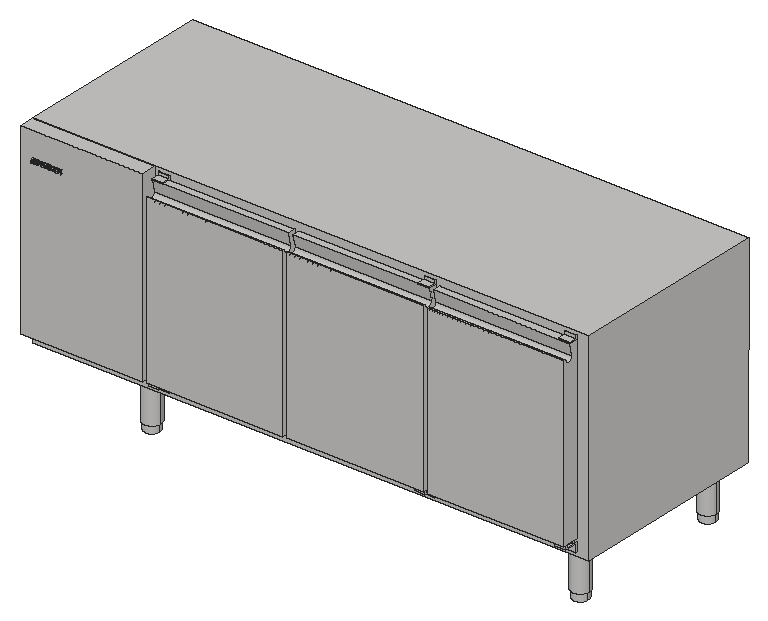
Revit family "QF_ALPENINOX_712679_AJ3F7AAA", category Specialty Equipment, Revit 2018 (continued)
Definition of nested family "APX_BI_BT_L_650"
  Automatic sketch dimensions
    Extrusion 4 sketch curve to Extrusion 4 sketch curve = 0.473 mm
    Extrusion 4 sketch curve to Extrusion 4 sketch curve = 0.171 mm
    Extrusion 4 sketch curve to Extrusion 4 sketch curve = 0.674 mm
    Extrusion 4 sketch curve to Extrusion 4 sketch curve = 1.992 mm
    Extrusion 4 sketch curve to Extrusion 4 sketch curve = 5.4 mm
    Extrusion 4 sketch curve to Extrusion 4 sketch curve = 3.473 mm  (x2)
    Extrusion 4 sketch curve to Extrusion 4 sketch curve = 2.32 mm
    Extrusion 4 sketch curve to Extrusion 4 sketch curve = 2.431 mm
    Extrusion 4 sketch curve to Extrusion 4 sketch curve = 1.177 mm
    Extrusion 4 sketch curve to Extrusion 4 sketch curve = 0.966 mm
    Extrusion 4 sketch curve to Extrusion 4 sketch curve = 2.544 mm
    Extrusion 4 sketch curve to Extrusion 4 sketch curve = 0.346 mm
    Extrusion 4 sketch curve to Extrusion 4 sketch curve = 0.037 mm
    Extrusion 4 sketch curve to Extrusion 4 sketch curve = 2.58 mm  (x2)
    Extrusion 4 sketch curve to Extrusion 4 sketch curve = 0.793 mm  (x2)
    Extrusion 4 sketch curve to Extrusion 4 sketch curve = 0.276 mm
    Extrusion 4 sketch curve to Extrusion 4 sketch curve = 3.452 mm  (x2)
    Extrusion 4 sketch curve to Extrusion 4 sketch curve = 1.238 mm
    Extrusion 4 sketch curve to Extrusion 4 sketch curve = 3.023 mm
    Extrusion 4 sketch curve to Extrusion 4 sketch curve = 0.834 mm  (x2)
    Extrusion 4 sketch curve to Extrusion 4 sketch curve = 0.529 mm
    Extrusion 4 sketch curve to Extrusion 4 sketch curve = 0.823 mm  (x2)
    Extrusion 4 sketch curve to Extrusion 4 sketch curve = 0.947 mm
    Extrusion 4 sketch curve to Extrusion 4 sketch curve = 3.837 mm
    Extrusion 4 sketch curve to Extrusion 4 sketch curve = 0.623 mm
    Extrusion 4 sketch curve to Extrusion 4 sketch curve = 1.082 mm
    Extrusion 4 sketch curve to Extrusion 4 sketch curve = 0.801 mm
    Extrusion 4 sketch curve to Extrusion 4 sketch curve = 1 mm
    Extrusion 4 sketch curve to Extrusion 4 sketch curve = 0.089 mm
    Extrusion 4 sketch curve to Extrusion 4 sketch curve = 4.257 mm
    Extrusion 4 sketch curve to Extrusion 4 sketch curve = 4.345 mm  (x2)
    Extrusion 4 sketch curve to Extrusion 4 sketch curve = 2.576 mm
    Extrusion 4 sketch curve to Extrusion 4 sketch curve = 1.385 mm  (x4)
    Extrusion 4 sketch curve to Extrusion 4 sketch curve = 2.133 mm  (x4)
    Extrusion 4 sketch curve to Extrusion 4 sketch curve = 3.518 mm
    Extrusion 4 sketch curve to Extrusion 4 sketch curve = 3.032 mm
    Split face 198 sketch curve to Extrusion 2 = 0 mm  (x2)
    Split face 198 sketch curve to Extrusion 2 = 34 mm
    Split face 198 sketch curve to Extrusion 2 = 104 mm
    Split face 198 sketch curve to Split face 198 sketch curve = 17.5 mm
    Split face 134 sketch curve to Extrusion 2 = 135.544 mm
    Split face 134 sketch curve to Extrusion 2 = 128.176 mm
    Split face 135 sketch curve to Extrusion 2 = 80.544 mm
    Split face 135 sketch curve to Extrusion 2 = 128.176 mm
    Split face 136 sketch curve to Extrusion 2 = 135.544 mm
    Split face 136 sketch curve to Extrusion 2 = 140.176 mm
    Split face 137 sketch curve to Extrusion 2 = 80.544 mm
    Split face 137 sketch curve to Extrusion 2 = 140.176 mm
    Split face 138 sketch curve to Extrusion 2 = 135.544 mm
    Split face 138 sketch curve to Extrusion 2 = 152.176 mm
    Split face 139 sketch curve to Extrusion 2 = 80.544 mm
    Split face 139 sketch curve to Extrusion 2 = 152.176 mm
    Split face 140 sketch curve to Extrusion 2 = 135.544 mm
    Split face 140 sketch curve to Extrusion 2 = 164.176 mm
    Split face 141 sketch curve to Extrusion 2 = 80.544 mm
    Split face 141 sketch curve to Extrusion 2 = 164.176 mm
    Split face 142 sketch curve to Extrusion 2 = 135.544 mm
    Split face 142 sketch curve to Extrusion 2 = 176.176 mm
    Split face 143 sketch curve to Extrusion 2 = 80.544 mm
    Split face 143 sketch curve to Extrusion 2 = 176.176 mm
    Split face 144 sketch curve to Extrusion 2 = 135.544 mm
    Split face 144 sketch curve to Extrusion 2 = 188.176 mm
    Split face 145 sketch curve to Extrusion 2 = 80.544 mm
    Split face 145 sketch curve to Extrusion 2 = 188.176 mm
    Split face 146 sketch curve to Extrusion 2 = 135.544 mm
    Split face 146 sketch curve to Extrusion 2 = 200.176 mm
    Split face 147 sketch curve to Extrusion 2 = 80.544 mm
    Split face 147 sketch curve to Extrusion 2 = 200.176 mm
    Split face 148 sketch curve to Extrusion 2 = 135.544 mm
    Split face 148 sketch curve to Extrusion 2 = 212.176 mm
    Split face 149 sketch curve to Extrusion 2 = 80.544 mm
    Split face 149 sketch curve to Extrusion 2 = 212.176 mm
    Split face 150 sketch curve to Extrusion 2 = 135.544 mm
    Split face 150 sketch curve to Extrusion 2 = 224.176 mm
    Split face 151 sketch curve to Extrusion 2 = 80.544 mm
    Split face 151 sketch curve to Extrusion 2 = 224.176 mm
    Split face 152 sketch curve to Extrusion 2 = 135.544 mm
    Split face 152 sketch curve to Extrusion 2 = 236.176 mm
    Split face 153 sketch curve to Extrusion 2 = 80.544 mm
    Split face 153 sketch curve to Extrusion 2 = 236.176 mm
    Split face 154 sketch curve to Extrusion 2 = 135.544 mm
    Split face 154 sketch curve to Extrusion 2 = 248.176 mm
    Split face 155 sketch curve to Extrusion 2 = 80.544 mm
    Split face 155 sketch curve to Extrusion 2 = 248.176 mm
    Split face 156 sketch curve to Extrusion 2 = 135.544 mm
    Split face 156 sketch curve to Extrusion 2 = 260.176 mm
    Split face 157 sketch curve to Extrusion 2 = 80.544 mm
    Split face 157 sketch curve to Extrusion 2 = 260.176 mm
    Split face 158 sketch curve to Extrusion 2 = 135.544 mm
    Split face 158 sketch curve to Extrusion 2 = 272.176 mm
    Split face 159 sketch curve to Extrusion 2 = 80.544 mm
    Split face 159 sketch curve to Extrusion 2 = 272.176 mm
    Split face 160 sketch curve to Extrusion 2 = 135.544 mm
    Split face 160 sketch curve to Extrusion 2 = 284.176 mm
    Split face 161 sketch curve to Extrusion 2 = 80.544 mm
    Split face 161 sketch curve to Extrusion 2 = 284.176 mm
    Split face 162 sketch curve to Extrusion 2 = 135.544 mm
    Split face 162 sketch curve to Extrusion 2 = 296.176 mm
    Split face 163 sketch curve to Extrusion 2 = 80.544 mm
    Split face 163 sketch curve to Extrusion 2 = 296.176 mm
    Split face 164 sketch curve to Extrusion 2 = 135.544 mm
    Split face 164 sketch curve to Extrusion 2 = 308.176 mm
    Split face 165 sketch curve to Extrusion 2 = 80.544 mm
    Split face 165 sketch curve to Extrusion 2 = 308.176 mm
    Split face 166 sketch curve to Extrusion 2 = 135.544 mm
    Split face 166 sketch curve to Extrusion 2 = 192.174 mm
    Split face 167 sketch curve to Extrusion 2 = 80.544 mm
    Split face 167 sketch curve to Extrusion 2 = 192.174 mm
    Split face 168 sketch curve to Extrusion 2 = 135.544 mm
    Split face 168 sketch curve to Extrusion 2 = 180.174 mm
    Split face 169 sketch curve to Extrusion 2 = 80.544 mm
    Split face 169 sketch curve to Extrusion 2 = 180.174 mm
    Split face 170 sketch curve to Extrusion 2 = 135.544 mm
    Split face 170 sketch curve to Extrusion 2 = 168.174 mm
    Split face 171 sketch curve to Extrusion 2 = 80.544 mm
    Split face 171 sketch curve to Extrusion 2 = 168.174 mm
    Split face 172 sketch curve to Extrusion 2 = 135.544 mm
    Split face 172 sketch curve to Extrusion 2 = 156.174 mm
    Split face 173 sketch curve to Extrusion 2 = 80.544 mm
    Split face 173 sketch curve to Extrusion 2 = 156.174 mm
    Split face 174 sketch curve to Extrusion 2 = 135.544 mm
    Split face 174 sketch curve to Extrusion 2 = 144.174 mm
    Split face 175 sketch curve to Extrusion 2 = 80.544 mm
    Split face 175 sketch curve to Extrusion 2 = 144.174 mm
    Split face 176 sketch curve to Extrusion 2 = 135.544 mm
    Split face 176 sketch curve to Extrusion 2 = 132.174 mm
    Split face 177 sketch curve to Extrusion 2 = 80.544 mm
    Split face 177 sketch curve to Extrusion 2 = 132.174 mm
    Split face 178 sketch curve to Extrusion 2 = 135.544 mm
    Split face 178 sketch curve to Extrusion 2 = 120.174 mm
    Split face 179 sketch curve to Extrusion 2 = 80.544 mm
    Split face 179 sketch curve to Extrusion 2 = 120.174 mm
    Split face 180 sketch curve to Extrusion 2 = 135.544 mm
    Split face 180 sketch curve to Extrusion 2 = 108.174 mm
    Split face 181 sketch curve to Extrusion 2 = 80.544 mm
    Split face 181 sketch curve to Extrusion 2 = 108.174 mm
    Split face 182 sketch curve to Extrusion 2 = 135.544 mm
    Split face 182 sketch curve to Extrusion 2 = 96.174 mm
    Split face 183 sketch curve to Extrusion 2 = 80.544 mm
    Split face 183 sketch curve to Extrusion 2 = 96.174 mm
    Split face 184 sketch curve to Extrusion 2 = 135.544 mm
    Split face 184 sketch curve to Extrusion 2 = 84.174 mm
    Split face 185 sketch curve to Extrusion 2 = 80.544 mm
    Split face 185 sketch curve to Extrusion 2 = 84.174 mm
    Split face 186 sketch curve to Extrusion 2 = 135.544 mm
    Split face 186 sketch curve to Extrusion 2 = 72.174 mm
    Split face 187 sketch curve to Extrusion 2 = 80.544 mm
    Split face 187 sketch curve to Extrusion 2 = 72.174 mm
    Split face 188 sketch curve to Extrusion 2 = 135.544 mm
    Split face 188 sketch curve to Extrusion 2 = 60.174 mm
    Split face 189 sketch curve to Extrusion 2 = 80.544 mm
    Split face 189 sketch curve to Extrusion 2 = 60.174 mm
    Split face 190 sketch curve to Extrusion 2 = 56.174 mm
    Split face 190 sketch curve to Extrusion 2 = 135.544 mm
    Split face 191 sketch curve to Extrusion 2 = 80.544 mm
    Split face 191 sketch curve to Extrusion 2 = 48.174 mm
    Split face 192 sketch curve to Extrusion 2 = 44.174 mm
    Split face 192 sketch curve to Extrusion 2 = 135.544 mm
    Split face 193 sketch curve to Extrusion 2 = 80.544 mm
    Split face 193 sketch curve to Extrusion 2 = 36.174 mm
    Split face 194 sketch curve to Extrusion 2 = 32.174 mm
    Split face 194 sketch curve to Extrusion 2 = 135.544 mm
    Split face 195 sketch curve to Extrusion 2 = 32.174 mm
    Split face 195 sketch curve to Extrusion 2 = 80.544 mm
    Split face 196 sketch curve to Extrusion 2 = 20.174 mm
    Split face 196 sketch curve to Extrusion 2 = 135.544 mm
    Split face 197 sketch curve to Extrusion 2 = 20.174 mm
    Split face 197 sketch curve to Extrusion 2 = 80.544 mm
    Split face 4 sketch curve to Extrusion 2 = 38.456 mm
    Split face 4 sketch curve to Extrusion 2 = 128.176 mm
    Split face 5 sketch curve to Extrusion 2 = 190.544 mm
    Split face 5 sketch curve to Extrusion 2 = 128.176 mm
    Split face 6 sketch curve to Extrusion 2 = 93.456 mm
    Split face 6 sketch curve to Extrusion 2 = 128.176 mm
    Split face 7 sketch curve to Extrusion 2 = 148.456 mm
    Split face 7 sketch curve to Extrusion 2 = 128.176 mm
    Split face 9 sketch curve to Extrusion 2 = 38.456 mm
    Split face 9 sketch curve to Extrusion 2 = 140.176 mm
    Split face 10 sketch curve to Extrusion 2 = 190.544 mm
    Split face 10 sketch curve to Extrusion 2 = 140.176 mm
    Split face 11 sketch curve to Extrusion 2 = 93.456 mm
    Split face 11 sketch curve to Extrusion 2 = 140.176 mm
    Split face 12 sketch curve to Extrusion 2 = 148.456 mm
    Split face 12 sketch curve to Extrusion 2 = 140.176 mm
    Split face 13 sketch curve to Extrusion 2 = 38.456 mm
    Split face 13 sketch curve to Extrusion 2 = 152.176 mm
    Split face 14 sketch curve to Extrusion 2 = 190.544 mm
    Split face 14 sketch curve to Extrusion 2 = 152.176 mm
    Split face 15 sketch curve to Extrusion 2 = 93.456 mm
    Split face 15 sketch curve to Extrusion 2 = 152.176 mm
    Split face 16 sketch curve to Extrusion 2 = 148.456 mm
    Split face 16 sketch curve to Extrusion 2 = 152.176 mm
    Split face 17 sketch curve to Extrusion 2 = 38.456 mm
    Split face 17 sketch curve to Extrusion 2 = 164.176 mm
    Split face 18 sketch curve to Extrusion 2 = 190.544 mm
    Split face 18 sketch curve to Extrusion 2 = 164.176 mm
    Split face 19 sketch curve to Extrusion 2 = 93.456 mm
    Split face 19 sketch curve to Extrusion 2 = 164.176 mm
    Split face 20 sketch curve to Extrusion 2 = 148.456 mm
    Split face 20 sketch curve to Extrusion 2 = 164.176 mm
    Split face 21 sketch curve to Extrusion 2 = 38.456 mm
    Split face 21 sketch curve to Extrusion 2 = 176.176 mm
    Split face 22 sketch curve to Extrusion 2 = 190.544 mm
    Split face 22 sketch curve to Extrusion 2 = 176.176 mm
    Split face 23 sketch curve to Extrusion 2 = 93.456 mm
    Split face 23 sketch curve to Extrusion 2 = 176.176 mm
    Split face 24 sketch curve to Extrusion 2 = 148.456 mm
    Split face 24 sketch curve to Extrusion 2 = 176.176 mm
    Split face 25 sketch curve to Extrusion 2 = 38.456 mm
    Split face 25 sketch curve to Extrusion 2 = 188.176 mm
    Split face 26 sketch curve to Extrusion 2 = 190.544 mm
    Split face 26 sketch curve to Extrusion 2 = 188.176 mm
    Split face 27 sketch curve to Extrusion 2 = 93.456 mm
    Split face 27 sketch curve to Extrusion 2 = 188.176 mm
    Split face 28 sketch curve to Extrusion 2 = 148.456 mm
    Split face 28 sketch curve to Extrusion 2 = 188.176 mm
    Split face 29 sketch curve to Extrusion 2 = 38.456 mm
    Split face 29 sketch curve to Extrusion 2 = 200.176 mm
    Split face 30 sketch curve to Extrusion 2 = 190.544 mm
    Split face 30 sketch curve to Extrusion 2 = 200.176 mm
    Split face 31 sketch curve to Extrusion 2 = 93.456 mm
    Split face 31 sketch curve to Extrusion 2 = 200.176 mm
    Split face 32 sketch curve to Extrusion 2 = 148.456 mm
    Split face 32 sketch curve to Extrusion 2 = 200.176 mm
    Split face 33 sketch curve to Extrusion 2 = 38.456 mm
    Split face 33 sketch curve to Extrusion 2 = 212.176 mm
    Split face 34 sketch curve to Extrusion 2 = 190.544 mm
    Split face 34 sketch curve to Extrusion 2 = 212.176 mm
    Split face 35 sketch curve to Extrusion 2 = 93.456 mm
    Split face 35 sketch curve to Extrusion 2 = 212.176 mm
    Split face 36 sketch curve to Extrusion 2 = 148.456 mm
    Split face 36 sketch curve to Extrusion 2 = 212.176 mm
    Split face 37 sketch curve to Extrusion 2 = 38.456 mm
    Split face 37 sketch curve to Extrusion 2 = 224.176 mm
    Split face 38 sketch curve to Extrusion 2 = 190.544 mm
    Split face 38 sketch curve to Extrusion 2 = 224.176 mm
    Split face 39 sketch curve to Extrusion 2 = 93.456 mm
    Split face 39 sketch curve to Extrusion 2 = 224.176 mm
    Split face 40 sketch curve to Extrusion 2 = 148.456 mm
    Split face 40 sketch curve to Extrusion 2 = 224.176 mm
    Split face 41 sketch curve to Extrusion 2 = 38.456 mm
    Split face 41 sketch curve to Extrusion 2 = 236.176 mm
    Split face 42 sketch curve to Extrusion 2 = 190.544 mm
    Split face 42 sketch curve to Extrusion 2 = 236.176 mm
    Split face 43 sketch curve to Extrusion 2 = 93.456 mm
    Split face 43 sketch curve to Extrusion 2 = 236.176 mm
    Split face 44 sketch curve to Extrusion 2 = 148.456 mm
    Split face 44 sketch curve to Extrusion 2 = 236.176 mm
    Split face 45 sketch curve to Extrusion 2 = 38.456 mm
    Split face 45 sketch curve to Extrusion 2 = 248.176 mm
    Split face 46 sketch curve to Extrusion 2 = 190.544 mm
    Split face 46 sketch curve to Extrusion 2 = 248.176 mm
    Split face 47 sketch curve to Extrusion 2 = 93.456 mm
    Split face 47 sketch curve to Extrusion 2 = 248.176 mm
    Split face 48 sketch curve to Extrusion 2 = 148.456 mm
    Split face 48 sketch curve to Extrusion 2 = 248.176 mm
    Split face 49 sketch curve to Extrusion 2 = 38.456 mm
    Split face 49 sketch curve to Extrusion 2 = 260.176 mm
    Split face 50 sketch curve to Extrusion 2 = 190.544 mm
    Split face 50 sketch curve to Extrusion 2 = 260.176 mm
    Split face 51 sketch curve to Extrusion 2 = 93.456 mm
    Split face 51 sketch curve to Extrusion 2 = 260.176 mm
    Split face 52 sketch curve to Extrusion 2 = 148.456 mm
    Split face 52 sketch curve to Extrusion 2 = 260.176 mm
    Split face 53 sketch curve to Extrusion 2 = 38.456 mm
    Split face 53 sketch curve to Extrusion 2 = 272.176 mm
    Split face 54 sketch curve to Extrusion 2 = 190.544 mm
    Split face 54 sketch curve to Extrusion 2 = 272.176 mm
    Split face 55 sketch curve to Extrusion 2 = 93.456 mm
    Split face 55 sketch curve to Extrusion 2 = 272.176 mm
    Split face 56 sketch curve to Extrusion 2 = 148.456 mm
    Split face 56 sketch curve to Extrusion 2 = 272.176 mm
    Split face 57 sketch curve to Extrusion 2 = 38.456 mm
    Split face 57 sketch curve to Extrusion 2 = 284.176 mm
    Split face 58 sketch curve to Extrusion 2 = 190.544 mm
    Split face 58 sketch curve to Extrusion 2 = 284.176 mm
    Split face 59 sketch curve to Extrusion 2 = 93.456 mm
    Split face 59 sketch curve to Extrusion 2 = 284.176 mm
    Split face 60 sketch curve to Extrusion 2 = 148.456 mm
    Split face 60 sketch curve to Extrusion 2 = 284.176 mm
    Split face 61 sketch curve to Extrusion 2 = 38.456 mm
    Split face 61 sketch curve to Extrusion 2 = 296.176 mm
    Split face 62 sketch curve to Extrusion 2 = 190.544 mm
    Split face 62 sketch curve to Extrusion 2 = 296.176 mm
    Split face 63 sketch curve to Extrusion 2 = 93.456 mm
    Split face 63 sketch curve to Extrusion 2 = 296.176 mm
    Split face 64 sketch curve to Extrusion 2 = 148.456 mm
    Split face 64 sketch curve to Extrusion 2 = 296.176 mm
    Split face 65 sketch curve to Extrusion 2 = 38.456 mm
    Split face 65 sketch curve to Extrusion 2 = 308.176 mm
    Split face 66 sketch curve to Extrusion 2 = 190.544 mm
    Split face 66 sketch curve to Extrusion 2 = 308.176 mm
    Split face 67 sketch curve to Extrusion 2 = 93.456 mm
    Split face 67 sketch curve to Extrusion 2 = 308.176 mm
    Split face 68 sketch curve to Extrusion 2 = 148.456 mm
    Split face 68 sketch curve to Extrusion 2 = 308.176 mm
    Split face 70 sketch curve to Extrusion 2 = 38.456 mm
    Split face 70 sketch curve to Extrusion 2 = 192.174 mm
    Split face 71 sketch curve to Extrusion 2 = 190.544 mm
    Split face 71 sketch curve to Extrusion 2 = 192.174 mm
    Split face 72 sketch curve to Extrusion 2 = 93.456 mm
    Split face 72 sketch curve to Extrusion 2 = 192.174 mm
    Split face 73 sketch curve to Extrusion 2 = 148.456 mm
    Split face 73 sketch curve to Extrusion 2 = 192.174 mm
    Split face 74 sketch curve to Extrusion 2 = 38.456 mm
    Split face 74 sketch curve to Extrusion 2 = 180.174 mm
    Split face 75 sketch curve to Extrusion 2 = 190.544 mm
    Split face 75 sketch curve to Extrusion 2 = 180.174 mm
    Split face 76 sketch curve to Extrusion 2 = 93.456 mm
    Split face 76 sketch curve to Extrusion 2 = 180.174 mm
    Split face 77 sketch curve to Extrusion 2 = 148.456 mm
    Split face 77 sketch curve to Extrusion 2 = 180.174 mm
    Split face 78 sketch curve to Extrusion 2 = 38.456 mm
    Split face 78 sketch curve to Extrusion 2 = 168.174 mm
    Split face 79 sketch curve to Extrusion 2 = 190.544 mm
    Split face 79 sketch curve to Extrusion 2 = 168.174 mm
    Split face 80 sketch curve to Extrusion 2 = 93.456 mm
    Split face 80 sketch curve to Extrusion 2 = 168.174 mm
    Split face 81 sketch curve to Extrusion 2 = 148.456 mm
    Split face 81 sketch curve to Extrusion 2 = 168.174 mm
    Split face 82 sketch curve to Extrusion 2 = 38.456 mm
    Split face 82 sketch curve to Extrusion 2 = 156.174 mm
    Split face 83 sketch curve to Extrusion 2 = 190.544 mm
    Split face 83 sketch curve to Extrusion 2 = 156.174 mm
    Split face 84 sketch curve to Extrusion 2 = 93.456 mm
    Split face 84 sketch curve to Extrusion 2 = 156.174 mm
    Split face 85 sketch curve to Extrusion 2 = 148.456 mm
    Split face 85 sketch curve to Extrusion 2 = 156.174 mm
    Split face 86 sketch curve to Extrusion 2 = 38.456 mm
    Split face 86 sketch curve to Extrusion 2 = 144.174 mm
    Split face 87 sketch curve to Extrusion 2 = 190.544 mm
    Split face 87 sketch curve to Extrusion 2 = 144.174 mm
    Split face 88 sketch curve to Extrusion 2 = 93.456 mm
    Split face 88 sketch curve to Extrusion 2 = 144.174 mm
    Split face 89 sketch curve to Extrusion 2 = 148.456 mm
    Split face 89 sketch curve to Extrusion 2 = 144.174 mm
    Split face 90 sketch curve to Extrusion 2 = 38.456 mm
    Split face 90 sketch curve to Extrusion 2 = 132.174 mm
    Split face 91 sketch curve to Extrusion 2 = 190.544 mm
    Split face 91 sketch curve to Extrusion 2 = 132.174 mm
    Split face 92 sketch curve to Extrusion 2 = 93.456 mm
    Split face 92 sketch curve to Extrusion 2 = 132.174 mm
    Split face 93 sketch curve to Extrusion 2 = 148.456 mm
    Split face 93 sketch curve to Extrusion 2 = 132.174 mm
    Split face 94 sketch curve to Extrusion 2 = 38.456 mm
    Split face 94 sketch curve to Extrusion 2 = 120.174 mm
    Split face 95 sketch curve to Extrusion 2 = 190.544 mm
    Split face 95 sketch curve to Extrusion 2 = 120.174 mm
    Split face 96 sketch curve to Extrusion 2 = 93.456 mm
    Split face 96 sketch curve to Extrusion 2 = 120.174 mm
    Split face 97 sketch curve to Extrusion 2 = 148.456 mm
    Split face 97 sketch curve to Extrusion 2 = 120.174 mm
    Split face 98 sketch curve to Extrusion 2 = 38.456 mm
    Split face 98 sketch curve to Extrusion 2 = 108.174 mm
    Split face 99 sketch curve to Extrusion 2 = 190.544 mm
    Split face 99 sketch curve to Extrusion 2 = 108.174 mm
    Split face 100 sketch curve to Extrusion 2 = 93.456 mm
    Split face 100 sketch curve to Extrusion 2 = 108.174 mm
    Split face 101 sketch curve to Extrusion 2 = 148.456 mm
    Split face 101 sketch curve to Extrusion 2 = 108.174 mm
    Split face 102 sketch curve to Extrusion 2 = 38.456 mm
    Split face 102 sketch curve to Extrusion 2 = 96.174 mm
    Split face 103 sketch curve to Extrusion 2 = 190.544 mm
    Split face 103 sketch curve to Extrusion 2 = 96.174 mm
    Split face 104 sketch curve to Extrusion 2 = 93.456 mm
    Split face 104 sketch curve to Extrusion 2 = 96.174 mm
    Split face 105 sketch curve to Extrusion 2 = 148.456 mm
    Split face 105 sketch curve to Extrusion 2 = 96.174 mm
    Split face 106 sketch curve to Extrusion 2 = 38.456 mm
    Split face 106 sketch curve to Extrusion 2 = 84.174 mm
    Split face 107 sketch curve to Extrusion 2 = 92.174 mm
    Split face 107 sketch curve to Extrusion 2 = 190.544 mm
    Split face 108 sketch curve to Extrusion 2 = 93.456 mm
    Split face 108 sketch curve to Extrusion 2 = 84.174 mm
    Split face 109 sketch curve to Extrusion 2 = 148.456 mm
    Split face 109 sketch curve to Extrusion 2 = 84.174 mm
    Split face 110 sketch curve to Extrusion 2 = 38.456 mm
    Split face 110 sketch curve to Extrusion 2 = 72.174 mm
    Split face 111 sketch curve to Extrusion 2 = 80.174 mm
    Split face 111 sketch curve to Extrusion 2 = 190.544 mm
    Split face 112 sketch curve to Extrusion 2 = 93.456 mm
    Split face 112 sketch curve to Extrusion 2 = 72.174 mm
    Split face 113 sketch curve to Extrusion 2 = 148.456 mm
    Split face 113 sketch curve to Extrusion 2 = 72.174 mm
    Split face 114 sketch curve to Extrusion 2 = 38.456 mm
    Split face 114 sketch curve to Extrusion 2 = 60.174 mm
    Split face 115 sketch curve to Extrusion 2 = 68.174 mm
    Split face 115 sketch curve to Extrusion 2 = 190.544 mm
    Split face 116 sketch curve to Extrusion 2 = 93.456 mm
    Split face 116 sketch curve to Extrusion 2 = 60.174 mm
    Split face 117 sketch curve to Extrusion 2 = 68.174 mm
    Split face 117 sketch curve to Extrusion 2 = 148.456 mm
    Split face 118 sketch curve to Extrusion 2 = 38.456 mm
    Split face 118 sketch curve to Extrusion 2 = 48.174 mm
    Split face 119 sketch curve to Extrusion 2 = 56.174 mm
    Split face 119 sketch curve to Extrusion 2 = 190.544 mm
    Split face 120 sketch curve to Extrusion 2 = 93.456 mm
    Split face 120 sketch curve to Extrusion 2 = 48.174 mm
    Split face 121 sketch curve to Extrusion 2 = 56.174 mm
    Split face 121 sketch curve to Extrusion 2 = 148.456 mm
    Split face 122 sketch curve to Extrusion 2 = 38.456 mm
    Split face 122 sketch curve to Extrusion 2 = 36.174 mm
    Split face 123 sketch curve to Extrusion 2 = 44.174 mm
    Split face 123 sketch curve to Extrusion 2 = 190.544 mm
    Split face 124 sketch curve to Extrusion 2 = 44.174 mm
    Split face 124 sketch curve to Extrusion 2 = 93.456 mm
    Split face 125 sketch curve to Extrusion 2 = 44.174 mm
    Split face 125 sketch curve to Extrusion 2 = 148.456 mm
    Split face 126 sketch curve to Extrusion 2 = 38.456 mm
    Split face 126 sketch curve to Extrusion 2 = 24.174 mm
    Split face 127 sketch curve to Extrusion 2 = 32.174 mm
    Split face 127 sketch curve to Extrusion 2 = 190.544 mm
    Split face 128 sketch curve to Extrusion 2 = 32.174 mm
    Split face 128 sketch curve to Extrusion 2 = 93.456 mm
    Split face 129 sketch curve to Extrusion 2 = 32.174 mm
    Split face 129 sketch curve to Extrusion 2 = 148.456 mm
    Split face 130 sketch curve to Extrusion 2 = 38.456 mm
    Split face 130 sketch curve to Extrusion 2 = 12.174 mm
    Split face 131 sketch curve to Extrusion 2 = 20.174 mm
    Split face 131 sketch curve to Extrusion 2 = 190.544 mm
    Split face 132 sketch curve to Extrusion 2 = 20.174 mm
    Split face 132 sketch curve to Extrusion 2 = 93.456 mm
    Split face 133 sketch curve to Extrusion 2 = 20.174 mm
    Split face 133 sketch curve to Extrusion 2 = 148.456 mm
    curve 1 to level = 0 mm
    curve 1 to plane 5 = 0 mm
    curve 1 to curve 1 = 50 mm
Definition of nested family "APX_SD_L_650"
  Parameters
    Show Clearance [instance] = yes
    Default Elevation = 1219.2 mm
  Reference planes
    plane 1 "Center (Front/Back)": y = 28.12
    plane 2: z = 0
    plane 3 "Center (Left/Right)": x = 0
    plane 4: x = -234
    plane 5: x = 234
  Forms (mm)
    Extrusion 1, solid
      sketch origin (0, 0, 0) x (1, 0, 0) y (0, 1, 0)
        loop
          line (-1219.2, 1219.2) -> (-1219.2, -1219.2) -> (1219.2, -1219.2) -> (1219.2, 1219.2) -> (-1219.2, 1219.2)
      from 0 to -304.8
    Extrusion 2, solid
      sketch origin (0, 53.12, -3) x (0, 1, 0) y (0, 0, 1)
        loop
          line (-314, 53) -> (-314, 3) -> (264, 3) -> (264, 29) -> (224.395, 20)
          arc (224.395, 20) -> (210.396, 33.803) -> (224, 47.994) r 14
          line (224, 47.994) -> (224, 53) -> (-314, 53)
      from -220 to 220
    Extrusion 3, solid
      sketch origin (0, 53.12, 0) x (0, 1, 0) y (0, 0, -1)
        loop
          line (-323.003, -40.312) -> (-323.003, -12.259) -> (-323.003, 0) -> (-351.511, 0) -> (-351.511, -2.5) -> (-325.503, -2.5) -> (-325.503, -42.812) -> (-316.501, -42.812) -> (-316.501, -40.312) -> (-323.003, -40.312)
        loop
          line (-314, -38.311) -> (-314, -11.804) -> (-319.752, -11.804) -> (-319.752, -14.304) -> (-316.501, -14.304) -> (-316.501, -38.311) -> (-314, -38.311)
        loop
          line (265.003, -27.948) -> (267.503, -27.948) -> (267.503, -2.5) -> (277.503, -2.5) -> (277.503, 0) -> (265.003, 0) -> (265.003, -2.948) -> (265.003, -27.948)
      from 185 to 220
    Extrusion 4, solid, visible <- "Show Clearance", detail levels coarse
      sketch origin (0, 28.12, -3) x (-1, 0, 0) y (0, 0, -1)
        loop
          line (220, -53) -> (-220, -53)
          arc (-220, -53) -> (-79.636, -340.04) -> (220, -451) r 430
          line (220, -451) -> (220, -53)
      from -289 to 289
  Lines and regions (mm)
    symbolic lines
      curve 1: arc (219.599, 0, 55) -> (95.934, 0, 321.503) -> (-170, 0, 446.39) r 430
      curve 2: line (-220, 0, 55) -> (-220, 0, 448)
      curve 3: line (-170, 0, 55) -> (-170, 0, 448)
      curve 4: line (-220, 0, 448) -> (-170, 0, 448)
  Dimensions and locks
    plane 4 to plane 3 "Center (Left/Right)" to plane 5 = 234 mm locked, 234 mm locked
    aligned and locked: plane 2 to Extrusion 1
    aligned and locked: level to Extrusion 1
Definition of nested family "APX_SD_R_650"
  Parameters
    Show Clearance [instance] = yes
    Default Elevation = 1219.2 mm
  Reference planes
    plane 1 "Center (Front/Back)": y = 28.12
    plane 2: z = 0
    plane 3 "Center (Left/Right)": x = 0
    plane 4: x = -234
    plane 5: x = 234
  Forms (mm)
    Extrusion 1, solid
      sketch origin (0, 0, 0) x (1, 0, 0) y (0, 1, 0)
        loop
          line (-1219.2, 1219.2) -> (-1219.2, -1219.2) -> (1219.2, -1219.2) -> (1219.2, 1219.2) -> (-1219.2, 1219.2)
      from 0 to -304.8
    Extrusion 2, solid
      sketch origin (0, 53.12, -3) x (0, 1, 0) y (0, 0, 1)
        loop
          line (-314, 53) -> (-314, 3) -> (264, 3) -> (264, 29) -> (224.395, 20)
          arc (224.395, 20) -> (210.396, 33.803) -> (224, 47.994) r 14
          line (224, 47.994) -> (224, 53) -> (-314, 53)
      from -220 to 220
    Extrusion 3, solid, visible <- "Show Clearance", detail levels coarse
      sketch origin (0, 28.12, -3) x (-1, 0, 0) y (0, 0, -1)
        loop
          line (220, -53) -> (-220, -53) -> (-220, -451)
          arc (-220, -451) -> (79.636, -340.04) -> (220, -53) r 430
      from -289 to 289
    Extrusion 4, solid
      sketch origin (0, 53.12, 0) x (0, 1, 0) y (0, 0, 1)
        loop
          line (-323.003, 40.312) -> (-316.501, 40.312) -> (-316.501, 42.812) -> (-325.503, 42.812) -> (-325.503, 2.5) -> (-351.511, 2.5) -> (-351.511, 0) -> (-323.003, 0) -> (-323.003, 12.259) -> (-323.003, 40.312)
        loop
          line (-314, 38.311) -> (-316.501, 38.311) -> (-316.501, 14.304) -> (-319.752, 14.304) -> (-319.752, 11.804) -> (-314, 11.804) -> (-314, 38.311)
        loop
          line (265.003, 27.948) -> (265.003, 2.948) -> (265.003, 0) -> (277.503, 0) -> (277.503, 2.5) -> (267.503, 2.5) -> (267.503, 27.948) -> (265.003, 27.948)
      from 185 to 220
  Lines and regions (mm)
    symbolic lines
      curve 1: arc (-219.599, 0, 54.79) -> (-95.934, 0, 321.293) -> (170, 0, 446.179) r 430
      curve 2: line (220, 0, 54.79) -> (220, 0, 447.79)
      curve 3: line (170, 0, 54.79) -> (170, 0, 447.79)
      curve 4: line (220, 0, 447.79) -> (170, 0, 447.79)
  Dimensions and locks
    plane 4 to plane 3 "Center (Left/Right)" to plane 5 = 234 mm locked, 234 mm locked
    aligned and locked: plane 2 to Extrusion 1
    aligned and locked: level to Extrusion 1
Definition of nested family "Freezer"
  Reference planes
    plane 1 "Center (Front/Back)": y = 0
    plane 2: z = 0
    plane 3 "Center (Left/Right)": x = 0
  Lines and regions (mm)
    detail lines, in view "Ref. Level"
      curve 1: spline (-500, 190, 0) -> (-493.185, 166.706, 0) -> (-473.205, 145, 0) -> (-441.421, 126.36, 0) -> (-400, 112.058, 0) -> (-351.764, 103.067, 0) -> (-300, 100, 0) -> (-248.236, 103.067, 0) -> (-200, 112.058, 0) -> (-158.579, 126.36, 0) -> (-126.795, 145, 0) -> (-106.815, 166.706, 0) -> (-100, 190, 0) -> (-106.815, 213.294, 0) -> (-126.795, 235, 0) -> (-158.579, 253.64, 0) -> (-200, 267.942, 0) -> (-248.236, 276.933, 0) -> (-300, 280, 0) -> (-351.764, 276.933, 0) -> (-400, 267.942, 0) -> (-441.421, 253.64, 0) -> (-473.205, 235, 0) -> (-493.185, 213.294, 0) -> (-500, 190, 0)
      curve 2: line (-220, 130, 0) -> (-220, 250, 0)
      curve 3: line (-271.962, 220, 0) -> (-168.038, 160, 0)
      curve 4: line (-271.962, 160, 0) -> (-168.038, 220, 0)
      curve 5: line (-200.884, 246.873, 0) -> (-220, 225, 0)
      curve 6: line (-220, 225, 0) -> (-239.116, 246.873, 0)
      curve 7: line (-250.311, 207.5, 0) -> (-260, 235.883, 0)
      curve 8: line (-279.736, 201.7, 0) -> (-250.311, 207.5, 0)
      curve 9: line (-250.311, 172.5, 0) -> (-279.736, 178.3, 0)
      curve 10: line (-260, 144.117, 0) -> (-250.311, 172.5, 0)
      curve 11: line (-220, 155, 0) -> (-239.116, 133.127, 0)
      curve 12: line (-200.884, 133.127, 0) -> (-220, 155, 0)
      curve 13: line (-189.689, 172.5, 0) -> (-180.304, 145.008, 0)
      curve 14: line (-161.188, 178.118, 0) -> (-189.689, 172.5, 0)
      curve 15: line (-189.689, 207.5, 0) -> (-161.188, 201.882, 0)
      curve 16: line (-180.304, 234.992, 0) -> (-189.689, 207.5, 0)
      curve 17: line (-380, 130, 0) -> (-380, 250, 0)
      curve 18: line (-431.962, 220, 0) -> (-328.038, 160, 0)
      curve 19: line (-431.962, 160, 0) -> (-328.038, 220, 0)
      curve 20: line (-360.884, 246.873, 0) -> (-380, 225, 0)
      curve 21: line (-380, 225, 0) -> (-399.116, 246.873, 0)
      curve 22: line (-410.311, 207.5, 0) -> (-419.696, 234.992, 0)
      curve 23: line (-438.812, 201.882, 0) -> (-410.311, 207.5, 0)
      curve 24: line (-410.311, 172.5, 0) -> (-438.812, 178.118, 0)
      curve 25: line (-419.696, 145.008, 0) -> (-410.311, 172.5, 0)
      curve 26: line (-380, 155, 0) -> (-399.116, 133.127, 0)
      curve 27: line (-360.884, 133.127, 0) -> (-380, 155, 0)
      curve 28: line (-349.689, 172.5, 0) -> (-340, 144.117, 0)
      curve 29: line (-320.264, 178.3, 0) -> (-349.689, 172.5, 0)
      curve 30: line (-349.689, 207.5, 0) -> (-320.264, 201.7, 0)
      curve 31: line (-340, 235.883, 0) -> (-349.689, 207.5, 0)
